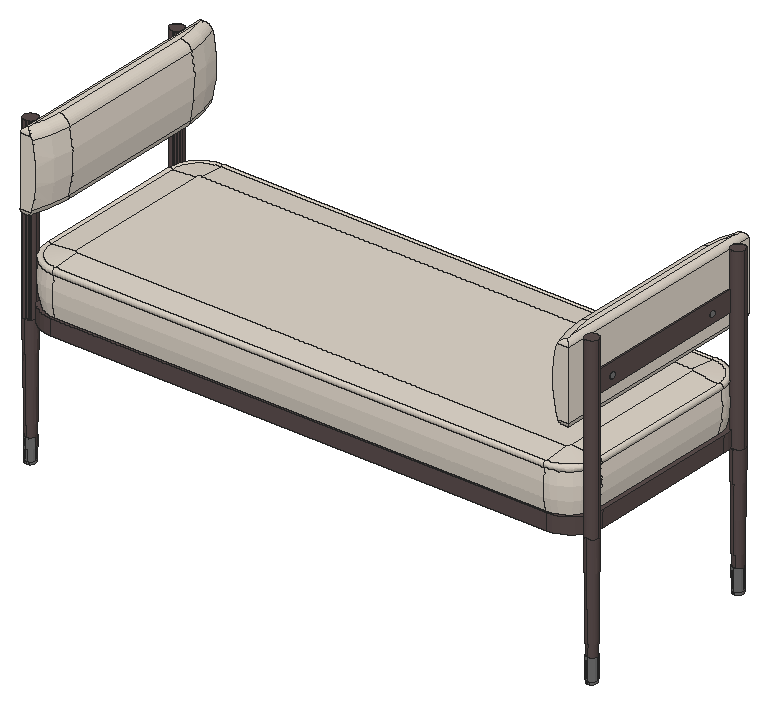
Revit family "DuraCare-Settee-Bench-Covert+++++", category Furniture, Revit 2020
Family settings
  OmniClass Number = 23.40.20.00
  OmniClass Title = General Furniture and Specialties
  Work Plane-Based = No
  Always vertical = Yes
  Cut with Voids When Loaded = No
  Shared = No
  Room Calculation Point = No
Parameters (values of type "BE-974")
  Width = 50"  # constant formula
  URL = "https://duracareseating.com"
  Type Comments = "Covert"  # constant formula
  Seat Side Finish [instance] = DUR - Fabric
  Seat Height = 18 1/2"  # constant formula
  Salvage or Reuse = yes
  Percentage of Recycled Content = 0
  Low Emitting Material = yes
  Low Emitting Finish = yes
  Seat Finish [instance] = DUR - Fabric
  Revit Model Built By = "https://servex-us.com/servex-revit/"
  Product Documentation Link = "https://duracareseating.com/product/covert/"
  Model = "BE-974"
  Manufacturer = "DuraCare Seating"  # constant formula
  Keynote = "12500"
  Height = 27"  # constant formula
  Glide Finish [instance] = DUR - Glides Metal
  Frame Finish [instance] = DUR - Wood, Espresso Walnut
  Description = "Settee bench 50\"W x 20.5\"D x 27\"H - aluminum frame - wood grain finish"
  Depth = 20 1/2"  # constant formula
  Default Elevation = 0"
  Assembly Code = "E2020200"
Reference planes (in)
  plane 1: z = 0
  plane 2 "Center (Left/Right)": x = 0
  plane 3: x = -25
  plane 4: x = 25
  plane 5: y = -10.75
  plane 6: z = 27
  plane 7: y = 9.75
  plane 8 "Center (Front/Back)": y = -0.5
  plane 9: z = 18.5
  plane 10: x = -27.5
  plane 11: x = 27.5
  plane 12: z = 0.25
  plane 13: y = 8.25
  plane 14: y = -9.25
  plane 15: z = 24
  plane 16: z = 14
  plane 17: z = 12.5
Forms (in)
  Extrusion 1, solid, material "DUR - Wood, Espresso Walnut" <- "Frame Finish"
    sketch origin (-0.5, 0, 0) x (1, 0, 0) y (0, 1, 0)
      loop
        circle (-26.375, 8.25) r 0.625
      loop
        circle (-26.375, -9.25) r 0.625
      loop
        circle (27.375, 8.25) r 0.625
      loop
        circle (27.375, -9.25) r 0.625
    from 12.5 to 29.5030781
  Sweep 2, solid, material "DUR - Fabric" <- "Seat Side Finish"
    path origin (0.75, 0, 0) x (1, 0, 0) y (0, 1, 0)
      loop
        arc (-25.7866008, 11.4005317) -> (-24.9455338, 9.167114) -> (-24.5572103, 6.812384) r 12.1514229
        arc (-24.5572103, 6.812384) -> (-24.3191713, -0.5) -> (-24.5572103, -7.812384) r 112.4345541
        arc (-24.5572103, -7.812384) -> (-24.9455338, -10.167114) -> (-25.7866008, -12.4005317) r 12.1514229
    profile origin (-23.5691713, -0.5, 0) x (1, 0, 0) y (0, 0, 1)
      loop
        arc (-0.4825348, 28.9651026) -> (-0.832669, 29.5294558) -> (-1.4591263, 29.75) r 1
        line (-1.4591263, 29.75) -> (-3.1808287, 29.75) -> (-3.1808287, 22.25) -> (-1.5169533, 22.25)
        arc (-1.5169533, 22.25) -> (-0.8987254, 22.4640011) -> (-0.5451004, 23.0144114) r 1
        arc (-0.5451004, 23.0144114) -> (-0.1741903, 25.9861862) -> (-0.4825348, 28.9651026) r 13.2034773
  Sweep 3, void
    path origin (1.25, 0, 0) x (1, 0, 0) y (0, 1, 0)
      loop
        line (-25, 10.25) -> (-27.5, 10.25) -> (-27.5, -11.25) -> (-25, -11.25)
    profile origin (-26.25, -0.5, 0) x (1, 0, 0) y (0, 0, 1)
      loop
        arc (0, 29.25) -> (0.1464466, 29.6035534) -> (0.5, 29.75) r 0.5
        line (0.5, 29.75) -> (-2.25, 29.75) -> (-2.25, 22.25) -> (0.5, 22.25)
        arc (0.5, 22.25) -> (0.1464466, 22.3964466) -> (0, 22.75) r 0.5
        line (0, 22.75) -> (0, 29.25)
  Sweep 4, solid, material "DUR - Fabric" <- "Seat Side Finish"
    path origin (-0.75, 0, 0) x (-1, 0, 0) y (0, 1, 0)
      loop
        arc (-25.7866008, 11.4005317) -> (-24.9455338, 9.167114) -> (-24.5572103, 6.812384) r 12.1514229
        arc (-24.5572103, 6.812384) -> (-24.3191713, -0.5) -> (-24.5572103, -7.812384) r 112.4345541
        arc (-24.5572103, -7.812384) -> (-24.9455338, -10.167114) -> (-25.7866008, -12.4005317) r 12.1514229
    profile origin (23.5691713, -0.5, 0) x (1, 0, 0) y (0, 0, 1)
      loop
        arc (0.4825348, 28.9651026) -> (0.1741903, 25.9861862) -> (0.5451004, 23.0144114) r 13.2034773
        arc (0.5451004, 23.0144114) -> (0.8987254, 22.4640011) -> (1.5169533, 22.25) r 1
        line (1.5169533, 22.25) -> (3.1808287, 22.25) -> (3.1808287, 29.75) -> (1.4591263, 29.75)
        arc (1.4591263, 29.75) -> (0.832669, 29.5294558) -> (0.4825348, 28.9651026) r 1
  Sweep 5, void
    path origin (-1.25, 0, 0) x (-1, 0, 0) y (0, 1, 0)
      loop
        line (-25, 10.25) -> (-27.5, 10.25) -> (-27.5, -11.25) -> (-25, -11.25)
    profile origin (26.25, -0.5, 0) x (1, 0, 0) y (0, 0, 1)
      loop
        line (0, 29.25) -> (0, 22.75)
        arc (0, 22.75) -> (-0.1464466, 22.3964466) -> (-0.5, 22.25) r 0.5
        line (-0.5, 22.25) -> (2.25, 22.25) -> (2.25, 29.75) -> (-0.5, 29.75)
        arc (-0.5, 29.75) -> (-0.1464466, 29.6035534) -> (0, 29.25) r 0.5
  Extrusion 6, solid, material "DUR - Wood, Espresso Walnut" <- "Frame Finish"
    sketch origin (0, 0, 0) x (1, 0, 0) y (0, 1, 0)
      loop
        arc (-23.7447422, 9.75) -> (-25.8660625, 8.8713203) -> (-26.7447422, 6.75) r 3
        line (-26.7447422, 6.75) -> (-26.7447422, -7.75)
        arc (-26.7447422, -7.75) -> (-25.8660625, -9.8713203) -> (-23.7447422, -10.75) r 3
        line (-23.7447422, -10.75) -> (23.7447422, -10.75)
        arc (23.7447422, -10.75) -> (25.8660625, -9.8713203) -> (26.7447422, -7.75) r 3
        line (26.7447422, -7.75) -> (26.7447422, 6.75)
        arc (26.7447422, 6.75) -> (25.8660625, 8.8713203) -> (23.7447422, 9.75) r 3
        line (23.7447422, 9.75) -> (-23.7447422, 9.75)
      loop
        arc (-23.7447422, 8.75) -> (-25.1589557, 8.1642136) -> (-25.7447422, 6.75) r 2
        line (-25.7447422, 6.75) -> (-25.7447422, -7.75)
        arc (-25.7447422, -7.75) -> (-25.1589557, -9.1642136) -> (-23.7447422, -9.75) r 2
        line (-23.7447422, -9.75) -> (23.7447422, -9.75)
        arc (23.7447422, -9.75) -> (25.1589557, -9.1642136) -> (25.7447422, -7.75) r 2
        line (25.7447422, -7.75) -> (25.7447422, 6.75)
        arc (25.7447422, 6.75) -> (25.1589557, 8.1642136) -> (23.7447422, 8.75) r 2
        line (23.7447422, 8.75) -> (-23.7447422, 8.75)
    from 12.5 to 14
  Sweep 7, solid, material "DUR - Fabric" <- "Seat Finish"
    path origin (0, 0, 0) x (1, 0, 0) y (0, 1, 0)
      loop
        arc (-23.5, 9.75) -> (-25.6213203, 8.8713203) -> (-26.5, 6.75) r 3
        line (-26.5, 6.75) -> (-26.5, -7.75)
        arc (-26.5, -7.75) -> (-25.6213203, -9.8713203) -> (-23.5, -10.75) r 3
        line (-23.5, -10.75) -> (23.5, -10.75)
        arc (23.5, -10.75) -> (25.6213203, -9.8713203) -> (26.5, -7.75) r 3
        line (26.5, -7.75) -> (26.5, 6.75)
        arc (26.5, 6.75) -> (25.6213203, 8.8713203) -> (23.5, 9.75) r 3
        line (23.5, 9.75) -> (-23.5, 9.75)
    profile origin (0, 9.75, 0) x (0, 1, 0) y (0, 0, 1)
      loop
        arc (-0.0656687, 17.8091209) -> (0.0338904, 18.1911742) -> (-0.3565149, 18.25) r 0.2655589
        arc (-0.3565149, 18.25) -> (-1.5590533, 18.4373339) -> (-2.7744814, 18.5) r 11.8181237
        line (-2.7744814, 18.5) -> (-2.7744814, 14) -> (-0.25, 14)
        arc (-0.25, 14) -> (0.091873, 15.8924766) -> (-0.0656687, 17.8091209) r 7.3967016
  Extrusion 8, solid, material "DUR - Fabric" <- "Seat Finish"
    sketch origin (0, 0, 0) x (1, 0, 0) y (0, 1, 0)
      loop
        arc (-23.5, 6.9755186) -> (-23.6594657, 6.9094657) -> (-23.7255186, 6.75) r 0.2255186
        line (-23.7255186, 6.75) -> (-23.7255186, -7.75)
        arc (-23.7255186, -7.75) -> (-23.6594657, -7.9094657) -> (-23.5, -7.9755186) r 0.2255186
        line (-23.5, -7.9755186) -> (23.5, -7.9755186)
        arc (23.5, -7.9755186) -> (23.6594657, -7.9094657) -> (23.7255186, -7.75) r 0.2255186
        line (23.7255186, -7.75) -> (23.7255186, 6.75)
        arc (23.7255186, 6.75) -> (23.6594657, 6.9094657) -> (23.5, 6.9755186) r 0.2255186
        line (23.5, 6.9755186) -> (-23.5, 6.9755186)
    from 14 to 18.5
  Extrusion 9, solid, material "DUR - Wood, Espresso Walnut" <- "Frame Finish"
    sketch origin (0, 0, 0) x (1, 0, 0) y (0, 0, 1)
      loop
        line (-26.25, 26) -> (-26.5245683, 26) -> (-26.5245683, 24) -> (-26.25, 24) -> (-26.25, 26)
      loop
        line (26.25, 26) -> (26.25, 24) -> (26.5245683, 24) -> (26.5245683, 26) -> (26.25, 26)
    from -7.7194104 to 8.75
  Extrusion 10, solid, material "DUR - Glides Metal" <- "Glide Finish"
    sketch origin (-26.5245683, 0, 26) x (0, 0, -1) y (0, -1, 0)
      loop
        circle (1.0512464, -5.4927559) r 0.25
      loop
        circle (1.0512464, 6.4927559) r 0.25
    from 0 to 0.125
  Extrusion 11, solid, material "DUR - Glides Metal" <- "Glide Finish"
    sketch origin (26.5245683, 0, 26) x (0, 0, -1) y (0, 1, 0)
      loop
        circle (1.0512464, 5.4927559) r 0.25
      loop
        circle (1.0512464, -6.4927559) r 0.25
    from 0 to 0.125
  Revolve 12, solid, material "DUR - Wood, Espresso Walnut" <- "Frame Finish"
    sketch origin (-26.875, 0, 0) x (0, 1, 0) y (0, 0, 1)
      loop
        line (8.25, 12.5) -> (8.25, 0.25) -> (8.687545, 0.25) -> (8.875, 12.5) -> (8.25, 12.5)
      axis (8.25, 12.5) -> (8.25, 0.25)
    angle from 0 to 360
  Revolve 13, solid, material "DUR - Glides Metal" <- "Glide Finish"
    sketch origin (-26.875, 0, 0) x (0, 1, 0) y (0, 0, 1)
      loop
        line (8.6875, 0.25) -> (8.7500203, 0.25) -> (8.7731645, 2.25) -> (8.7215839, 2.25) -> (8.6875, 0.25)
      loop
        line (8.7248012, 0) -> (8.7248012, 0.1666687) -> (8.6746016, 0.2087911) -> (8.6746016, 0.25) -> (8.25, 0.25) -> (8.25, 0) -> (8.7248012, 0)
      axis (8.25, 2.25) -> (8.25, 0)
    angle from 0 to 360
  Extrusion 14, solid, material "DUR - Wood, Espresso Walnut" <- "Frame Finish"
    sketch origin (-0.5, -1, 0) x (1, 0, 0) y (0, 1, 0)
      loop
        circle (-26.375, -8.25) r 0.625
      loop
        circle (-26.375, 9.25) r 0.625
      loop
        circle (27.375, -8.25) r 0.625
      loop
        circle (27.375, 9.25) r 0.625
    from 12.5 to 29.5030781
  Revolve 15, solid, material "DUR - Wood, Espresso Walnut" <- "Frame Finish"
    sketch origin (-26.875, -1, 0) x (0, -1, 0) y (0, 0, -1)
      loop
        line (8.25, -12.5) -> (8.875, -12.5) -> (8.687545, -0.25) -> (8.25, -0.25) -> (8.25, -12.5)
      axis (8.25, -12.5) -> (8.25, -0.25)
    angle from 0 to 360
  Revolve 16, solid, material "DUR - Wood, Espresso Walnut" <- "Frame Finish"
    sketch origin (26.875, -1, 0) x (0, -1, 0) y (0, 0, 1)
      loop
        line (8.25, 12.5) -> (8.25, 0.25) -> (8.687545, 0.25) -> (8.875, 12.5) -> (8.25, 12.5)
      axis (8.25, 12.5) -> (8.25, 0.25)
    angle from 0 to 360
  Revolve 17, solid, material "DUR - Wood, Espresso Walnut" <- "Frame Finish"
    sketch origin (26.875, 0, 0) x (0, 1, 0) y (0, 0, -1)
      loop
        line (8.25, -12.5) -> (8.875, -12.5) -> (8.687545, -0.25) -> (8.25, -0.25) -> (8.25, -12.5)
      axis (8.25, -12.5) -> (8.25, -0.25)
    angle from 0 to 360
  Revolve 18, solid, material "DUR - Glides Metal" <- "Glide Finish"
    sketch origin (-26.875, -1, 0) x (0, -1, 0) y (0, 0, -1)
      loop
        line (8.6875, -0.25) -> (8.7215839, -2.25) -> (8.7731645, -2.25) -> (8.7500203, -0.25) -> (8.6875, -0.25)
      loop
        line (8.7248012, 0) -> (8.25, 0) -> (8.25, -0.25) -> (8.6746016, -0.25) -> (8.6746016, -0.2087911) -> (8.7248012, -0.1666687) -> (8.7248012, 0)
      axis (8.25, -2.25) -> (8.25, 0)
    angle from 0 to 360
  Revolve 19, solid, material "DUR - Glides Metal" <- "Glide Finish"
    sketch origin (26.875, 0, 0) x (0, 1, 0) y (0, 0, -1)
      loop
        line (8.6875, -0.25) -> (8.7215839, -2.25) -> (8.7731645, -2.25) -> (8.7500203, -0.25) -> (8.6875, -0.25)
      loop
        line (8.7248012, 0) -> (8.25, 0) -> (8.25, -0.25) -> (8.6746016, -0.25) -> (8.6746016, -0.2087911) -> (8.7248012, -0.1666687) -> (8.7248012, 0)
      axis (8.25, -2.25) -> (8.25, 0)
    angle from 0 to 360
  Revolve 20, solid, material "DUR - Glides Metal" <- "Glide Finish"
    sketch origin (26.875, -1, 0) x (0, -1, 0) y (0, 0, 1)
      loop
        line (8.6875, 0.25) -> (8.7500203, 0.25) -> (8.7731645, 2.25) -> (8.7215839, 2.25) -> (8.6875, 0.25)
      loop
        line (8.7248012, 0) -> (8.7248012, 0.1666687) -> (8.6746016, 0.2087911) -> (8.6746016, 0.25) -> (8.25, 0.25) -> (8.25, 0) -> (8.7248012, 0)
      axis (8.25, 2.25) -> (8.25, 0)
    angle from 0 to 360
Cuts and joins
  joined: Sweep 7, Extrusion 8
  Sweep 3 cuts Sweep 2
  Sweep 5 cuts Sweep 4
  joined: Extrusion 1, Revolve 12
Lines and regions (in)
  symbolic lines, style "Furniture"
    curve 1: line (-26.25, 10.25, 0) -> (-26.25, -11.25, 0)
    curve 2: line (-26.25, -11.25, 0) -> (-24.7259177, -11.25, 0)
    curve 3: arc (-24.7259177, -11.25, 0) -> (-23.8362134, -0.5, 0) -> (-24.7259177, 10.25, 0) r 65.3891782
    curve 4: line (-24.7259177, 10.25, 0) -> (-26.25, 10.25, 0)
    curve 9: line (26.25, 10.25, 0) -> (26.25, -11.25, 0)
    curve 10: line (26.25, -11.25, 0) -> (24.7259177, -11.25, 0)
    curve 11: arc (24.7259177, -11.25, 0) -> (23.8362134, -0.5, 0) -> (24.7259177, 10.25, 0) r 65.3891782
    curve 12: line (24.7259177, 10.25, 0) -> (26.25, 10.25, 0)
  symbolic lines
    curve 5: circle (-26.875, 8.25, 0) r 0.625 normal (0, 0, 1)
    curve 6: circle (-26.875, -9.25, 0) r 0.625 normal (0, 0, 1)
    curve 7: circle (26.875, -9.25, 0) r 0.625 normal (0, 0, 1)
    curve 8: circle (26.875, 8.25, 0) r 0.625 normal (0, 0, 1)
    curve 13: line (-24.644573, 9.75, 0) -> (24.644573, 9.75, 0)
    curve 14: line (24.644573, -10.75, 0) -> (-24.644573, -10.75, 0)
Dimensions and locks (in)
  "Width": plane 3 to plane 4
  equal spacing: plane 3, plane 2 "Center (Left/Right)", plane 4
  equal spacing: plane 5, plane 8 "Center (Front/Back)", plane 7
  "Depth": plane 7 to plane 5
  "Height": plane 6 to plane 1
  "Seat Height": plane 9 to plane 1
  plane 10 to plane 11 = 55"
  aligned and locked: level to plane 1
  aligned and locked: plane 13 to Extrusion 1 sketch curve
  aligned and locked: plane 16 to Extrusion 6
  aligned and locked: Extrusion 6 to plane 17
  aligned and locked: plane 9 to Extrusion 8
  aligned and locked: Extrusion 8 to plane 16
Automatic sketch dimensions
  curve 3 to plane 8 "Center (Front/Back)" = 0"
  curve 5 to plane 13 = 0"
  plane 14 to curve 6 = 0"
  curve 13 to plane 7 = 0"
  plane 5 to curve 14 = 0"
  curve 8 to plane 13 = 0"
  plane 14 to curve 7 = 0"
  plane 8 "Center (Front/Back)" to curve 11 = 0"
  curve 3 to plane 10 = 61.72539"
  plane 10 to curve 5 = 5/8"
  plane 10 to curve 6 = 5/8"
  plane 5 to curve 2 = 1/2"
  curve 2 to plane 3 = 1 1/4"
  plane 3 to curve 2 = 0.27408"
  plane 3 to curve 4 = 0.27408"
  plane 4 to curve 10 = 0.27408"
  plane 4 to curve 12 = 0.27408"
  plane 5 to curve 9 = 1/2"
  curve 9 to plane 4 = 1 1/4"
  plane 11 to curve 8 = 5/8"
  plane 11 to curve 7 = 5/8"
  curve 11 to plane 11 = 61.72539"
  plane 14 to Extrusion 1 sketch curve = 0"  (x2)
  Extrusion 1 sketch curve to plane 13 = 0"
  plane 10 to Extrusion 1 sketch curve = 5/8"  (x2)
  plane 11 to Extrusion 1 sketch curve = 5/8"  (x2)
  Sweep 2 sketch curve to plane 8 "Center (Front/Back)" = 0"
  Sweep 2 sketch curve to plane 10 = 108.50373"
  Sweep 2 sketch curve to plane 14 = 2.22791"
  Sweep 2 sketch curve to plane 10 = 8.43291"  (x2)
  Sweep 2 sketch curve to plane 13 = 2.22791"
  Sweep 2 sketch curve to plane 3 = 0.0366"  (x2)
  plane 3 to Sweep 2 sketch curve = 1.19279"
  Sweep 2 sketch curve to Sweep 2 sketch curve = 0"  (x3)
  profile plane to Sweep 2 sketch curve = 13.37694"
  profile plane to Sweep 2 sketch curve = 3.18083"
  profile plane to Sweep 2 sketch curve = 1.51695"
  profile plane to Sweep 2 sketch curve = 1.45913"
  level to Sweep 2 sketch curve = 22 1/4"
  Sweep 2 sketch curve to Sweep 2 sketch curve = 1"  (x2)
  Sweep 2 sketch curve to Sweep 2 sketch curve = 3 7/8"
  Sweep 2 sketch curve to Sweep 2 sketch curve = 5 1/2"
  plane 5 to Sweep 3 sketch curve = 1/2"
  Sweep 3 sketch curve to plane 3 = 1 1/4"
  plane 7 to Sweep 3 sketch curve = 1/2"
  plane 3 to Sweep 3 sketch curve = 1 1/4"  (x2)
  profile plane to Sweep 3 sketch curve = 0"
  profile plane to Sweep 3 sketch curve = 2 1/4"
  Sweep 3 sketch curve to profile plane = 1/2"  (x2)
  level to Sweep 3 sketch curve = 22 1/4"
  Sweep 3 sketch curve to Sweep 3 sketch curve = 6 1/2"
  plane 8 "Center (Front/Back)" to Sweep 4 sketch curve = 0"
  plane 11 to Sweep 4 sketch curve = 108.50373"
  plane 14 to Sweep 4 sketch curve = 2.22791"
  plane 11 to Sweep 4 sketch curve = 8.43291"  (x2)
  plane 13 to Sweep 4 sketch curve = 2.22791"
  plane 4 to Sweep 4 sketch curve = 0.0366"  (x2)
  Sweep 4 sketch curve to plane 4 = 1.19279"
  Sweep 4 sketch curve to Sweep 4 sketch curve = 0"  (x3)
  Sweep 4 sketch curve to profile plane = 1.45913"
  Sweep 4 sketch curve to profile plane = 1.51695"
  Sweep 4 sketch curve to Sweep 4 sketch curve = 1.7217"
  Sweep 4 sketch curve to Sweep 4 sketch curve = 10.19611"
  level to Sweep 4 sketch curve = 22 1/4"
  Sweep 4 sketch curve to Sweep 4 sketch curve = 1"  (x2)
  Sweep 4 sketch curve to Sweep 4 sketch curve = 3 7/8"
  Sweep 4 sketch curve to Sweep 4 sketch curve = 5 1/2"
  Sweep 5 sketch curve to plane 5 = 1/2"
  plane 4 to Sweep 5 sketch curve = 1 1/4"
  Sweep 5 sketch curve to plane 7 = 1/2"
  Sweep 5 sketch curve to plane 4 = 1 1/4"  (x2)
  profile plane to Sweep 5 sketch curve = 0"
  profile plane to Sweep 5 sketch curve = 1/2"  (x2)
  Sweep 5 sketch curve to profile plane = 2 1/4"
  level to Sweep 5 sketch curve = 22 1/4"
  Sweep 5 sketch curve to Sweep 5 sketch curve = 6 1/2"
  Extrusion 6 sketch curve to Extrusion 6 sketch curve = 0"  (x8)
  plane 5 to Extrusion 6 sketch curve = 0"
  Extrusion 6 sketch curve to plane 7 = 0"
  plane 10 to Extrusion 6 sketch curve = 0.75526"
  Extrusion 6 sketch curve to plane 3 = 0.74474"
  plane 3 to Extrusion 6 sketch curve = 1.25526"  (x2)
  plane 4 to Extrusion 6 sketch curve = 1.25526"  (x2)
  Extrusion 6 sketch curve to plane 4 = 0.74474"
  plane 5 to Sweep 7 sketch curve = 0"
  Sweep 7 sketch curve to plane 7 = 0"
  plane 10 to Sweep 7 sketch curve = 1"
  plane 3 to Sweep 7 sketch curve = 1 1/2"  (x2)
  plane 4 to Sweep 7 sketch curve = 1 1/2"  (x2)
  plane 11 to Sweep 7 sketch curve = 1"
  profile plane to Sweep 7 sketch curve = 7.29618"
  profile plane to Sweep 7 sketch curve = 2.77448"
  profile plane to Sweep 7 sketch curve = 1/4"
  profile plane to Sweep 7 sketch curve = 0.18778"
  level to Sweep 7 sketch curve = 6.68188"
  Sweep 7 sketch curve to Sweep 7 sketch curve = 7.31812"
  Sweep 7 sketch curve to Sweep 7 sketch curve = 2 1/4"
  Sweep 7 sketch curve to Sweep 7 sketch curve = 4.04494"
  Sweep 7 sketch curve to Sweep 7 sketch curve = 0.45506"
  Sweep 7 sketch curve to Sweep 7 sketch curve = 0.16874"
  plane 3 to Extrusion 8 sketch curve = 1.27448"
  Extrusion 8 sketch curve to Extrusion 8 sketch curve = 0.22552"  (x3)
  plane 4 to Extrusion 8 sketch curve = 1 1/2"  (x2)
  Extrusion 8 sketch curve to plane 14 = 1.27448"
  Extrusion 8 sketch curve to plane 13 = 1 1/2"
  Extrusion 9 sketch curve to plane 15 = 0"  (x2)
  plane 10 to Extrusion 9 sketch curve = 0.97543"
  Extrusion 9 sketch curve to Extrusion 9 sketch curve = 0.27457"  (x2)
  Extrusion 9 sketch curve to plane 4 = 1 1/4"
  Extrusion 9 sketch curve to plane 6 = 1"  (x2)
  Extrusion 10 sketch curve to Extrusion 9 = 0.94875"  (x2)
  Extrusion 9 to Extrusion 10 sketch curve = 2.22665"
  Extrusion 9 to Extrusion 10 sketch curve = 2.25724"
  plane 15 to Extrusion 11 sketch curve = 0.94875"  (x2)
  Extrusion 11 sketch curve to plane 14 = 2.75724"
  Extrusion 11 sketch curve to plane 13 = 2.75724"
  Revolve 12 sketch curve to plane 13 = 0"  (x2)
  Revolve 12 sketch curve to plane 12 = 0"  (x2)
  Revolve 12 sketch curve to plane 17 = 0"
  Revolve 12 sketch curve to Revolve 12 sketch curve = 0.43754"
  Revolve 12 sketch curve to Revolve 12 sketch curve = 5/8"
  Revolve 12 sketch curve to level = 1/2"
  Revolve 13 sketch curve to plane 12 = 0"  (x3)
  Revolve 13 sketch curve to plane 13 = 0"  (x2)
  Revolve 13 sketch curve to level = 0"
  Revolve 13 sketch curve to Revolve 13 sketch curve = 0.4246"
  Revolve 13 sketch curve to Revolve 13 sketch curve = 0.0129"
  plane 13 to Revolve 13 sketch curve = 0.47158"
  Revolve 13 sketch curve to plane 12 = 0.08333"
  Revolve 13 sketch curve to Revolve 13 sketch curve = 0.0502"
  Revolve 13 sketch curve to Revolve 13 sketch curve = 0.06252"
  Revolve 13 sketch curve to Revolve 13 sketch curve = 0.05158"
  Revolve 13 sketch curve to plane 12 = 0.04121"
  plane 12 to Revolve 13 sketch curve = 2"
  Revolve 13 sketch curve to level = 0.39008"
  Extrusion 14 sketch curve to plane 13 = 0"  (x2)
  plane 14 to Extrusion 14 sketch curve = 0"  (x2)
  Extrusion 14 sketch curve to plane 10 = 5/8"  (x2)
  Extrusion 14 sketch curve to plane 11 = 5/8"  (x2)
  Revolve 15 sketch curve to plane 14 = 0"  (x2)
  Revolve 15 sketch curve to plane 12 = 0"  (x2)
  Revolve 15 sketch curve to plane 17 = 0"
  Revolve 15 sketch curve to Revolve 15 sketch curve = 0.43754"
  Revolve 15 sketch curve to Revolve 15 sketch curve = 5/8"
  Revolve 15 sketch curve to level = 1/2"
  Revolve 16 sketch curve to plane 14 = 0"  (x2)
  Revolve 16 sketch curve to plane 12 = 0"  (x2)
  Revolve 16 sketch curve to plane 17 = 0"
  Revolve 16 sketch curve to Revolve 16 sketch curve = 0.43754"
  Revolve 16 sketch curve to Revolve 16 sketch curve = 5/8"
  Revolve 16 sketch curve to level = 1/2"
  Revolve 17 sketch curve to plane 13 = 0"  (x2)
  Revolve 17 sketch curve to plane 12 = 0"  (x2)
  Revolve 17 sketch curve to plane 17 = 0"
  Revolve 17 sketch curve to Revolve 17 sketch curve = 0.43754"
  Revolve 17 sketch curve to Revolve 17 sketch curve = 5/8"
  Revolve 17 sketch curve to level = 1/2"
  Revolve 18 sketch curve to plane 12 = 0"  (x3)
  Revolve 18 sketch curve to plane 14 = 0"  (x2)
  Revolve 18 sketch curve to level = 0"
  Revolve 18 sketch curve to Revolve 18 sketch curve = 0.4246"
  Revolve 18 sketch curve to Revolve 18 sketch curve = 0.0129"
  plane 14 to Revolve 18 sketch curve = 0.47158"
  Revolve 18 sketch curve to plane 12 = 0.08333"
  Revolve 18 sketch curve to Revolve 18 sketch curve = 0.0502"
  Revolve 18 sketch curve to Revolve 18 sketch curve = 0.06252"
  Revolve 18 sketch curve to Revolve 18 sketch curve = 0.05158"
  plane 12 to Revolve 18 sketch curve = 2"
  Revolve 18 sketch curve to plane 12 = 0.04121"
  Revolve 18 sketch curve to level = 0.39008"
  Revolve 19 sketch curve to plane 12 = 0"  (x3)
  Revolve 19 sketch curve to plane 13 = 0"  (x2)
  Revolve 19 sketch curve to level = 0"
  Revolve 19 sketch curve to Revolve 19 sketch curve = 0.4246"
  Revolve 19 sketch curve to Revolve 19 sketch curve = 0.0129"
  plane 13 to Revolve 19 sketch curve = 0.47158"
  Revolve 19 sketch curve to plane 12 = 0.08333"
  Revolve 19 sketch curve to Revolve 19 sketch curve = 0.0502"
  Revolve 19 sketch curve to Revolve 19 sketch curve = 0.06252"
  Revolve 19 sketch curve to Revolve 19 sketch curve = 0.05158"
  plane 12 to Revolve 19 sketch curve = 2"
  Revolve 19 sketch curve to plane 12 = 0.04121"
  Revolve 19 sketch curve to level = 0.39008"
  Revolve 20 sketch curve to plane 12 = 0"  (x3)
  Revolve 20 sketch curve to plane 14 = 0"  (x2)
  Revolve 20 sketch curve to level = 0"
  Revolve 20 sketch curve to Revolve 20 sketch curve = 0.4246"
  Revolve 20 sketch curve to Revolve 20 sketch curve = 0.0129"
  plane 14 to Revolve 20 sketch curve = 0.47158"
  Revolve 20 sketch curve to plane 12 = 0.08333"
  Revolve 20 sketch curve to Revolve 20 sketch curve = 0.0502"
  Revolve 20 sketch curve to Revolve 20 sketch curve = 0.06252"
  Revolve 20 sketch curve to Revolve 20 sketch curve = 0.05158"
  Revolve 20 sketch curve to plane 12 = 0.04121"
  plane 12 to Revolve 20 sketch curve = 2"
  Revolve 20 sketch curve to level = 0.39008"
  radius of curve 5 = 5/8"
  radius of curve 6 = 5/8"
  radius of curve 7 = 5/8"
  radius of curve 8 = 5/8"
  radius of Extrusion 1 sketch curve = 5/8"  (x4)
  radius of Extrusion 10 sketch curve = 1/4"  (x2)
  radius of Extrusion 11 sketch curve = 1/4"  (x2)
  radius of Extrusion 14 sketch curve = 5/8"  (x4)
